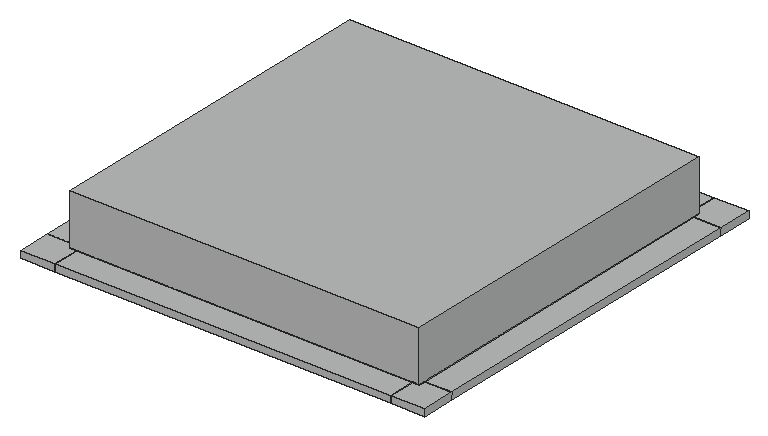
Revit family "ALUMOGIPS", category Осветительные приборы, Revit 2019 (continued)
Types (72, lengths in mm): name | Файл фотометрической сетки | built-in parameter 1150105 | Lumens | built-in parameter 1150106 | built-in parameter 1150142 | Wattage | Emit from Rectangle Width | Emit from Rectangle Length | Длина | Материал светильника | Ширина | ADSK_Ток | ADSK_Полная мощность | ADSK_Обозначение | ADSK_Номинальная мощность | ADSK_Наименование | ADSK_Масса | ADSK_Код изделия
     803.143 760.717 718.389 675.666 632.549 589.038 545.723 502.310 459.390 416.569 373.550 331.617 290.474 250.119 210.948 172.863 \r\n134.679 100.541 68.178 37.591 9.669 0.592 0.592 0.592 0.493 0.493 0.493 0.493 0.493 0.493 0.493 0.493 0.395 0.395 0.395 0.395 0.395 0.395 0.395 0.296 0.296 0.296 0.296 0.296 0.296 0.296 0.296 0.197 \r\n0.197 0.197 0.197 0.197 0.197 0.197 0.197 0.098 0.098 0.098 0.098 0.098 0.098 0.098 0.098 0.000 0.000 0.000 0.000 \r\n1417.637 1416.551 1412.309 1405.895 1396.621 1385.373 1371.559 1354.786 1336.237 1315.419 1292.232 1266.875 1239.742 1210.733 1179.851 1147.390 1113.942 1078.816 \r\n1042.310 1004.521 966.238 926.279 886.121 844.879 803.834 761.408 719.080 676.357 633.240 589.728 546.315 502.902 459.982 417.062 374.043 332.110 290.967 250.513 211.343 173.258 \r\n135.074 100.837 68.376 37.888 9.965 0.592 0.592 0.592 0.493 0.493 0.493 0.493 0.493 0.493 0.493 0.493 0.395 0.395 0.395 0.395 0.395 0.395 0.395 0.296 0.296 0.296 0.296 0.296 0.296 0.296 0.296 0.197 \r\n0.197 0.197 0.197 0.197 0.197 0.197 0.197 0.098 0.098 0.098 0.098 0.098 0.098 0.098 0.098 0.000 0.000 0.000 0.000 \r\n1417.637 1416.650 1412.407 1406.093 1396.917 1385.669 1371.954 1355.181 1336.632 1315.912 1292.725 1267.368 1240.334 1211.325 1180.443 1147.982 1114.633 1079.409 \r\n1042.903 1005.212 966.929 926.969 886.812 845.569 804.524 762.098 719.770 677.048 633.832 590.320 546.907 503.494 460.574 417.654 374.636 332.603 291.460 250.908 211.738 173.653 \r\n135.371 101.133 68.671 38.086 10.163 0.592 0.592 0.592 0.493 0.493 0.493 0.493 0.493 0.493 0.493 0.493 0.395 0.395 0.395 0.395 0.395 0.395 0.395 0.296 0.296 0.296 0.296 0.296 0.296 0.296 0.296 0.197 \r\n0.197 0.197 0.197 0.197 0.197 0.197 0.197 0.098 0.098 0.098 0.098 0.098 0.098 0.098 0.098 0.000 0.000 0.000 0.000 \r\n1417.637 1416.650 1412.506 1406.191 1397.114 1385.866 1372.250 1355.576 1337.027 1316.307 1293.218 1267.861 1240.827 1211.918 1181.035 1148.672 1115.225 1080.099 \r\n1043.593 1005.902 967.620 927.660 887.503 846.260 805.215 762.789 720.461 677.739 634.523 591.011 547.598 504.086 461.166 418.247 375.129 333.098 291.855 251.401 212.132 173.948 \r\n135.666 101.429 68.968 38.381 10.360 0.592 0.592 0.592 0.493 0.493 0.493 0.493 0.493 0.493 0.493 0.493 0.395 0.395 0.395 0.395 0.395 0.395 0.395 0.296 0.296 0.296 0.296 0.296 0.296 0.296 0.296 0.197 \r\n0.197 0.197 0.197 0.197 0.197 0.197 0.197 0.098 0.098 0.098 0.098 0.098 0.098 0.098 0.098 0.000 0.000 0.000 0.000 \r\n1417.637 1416.650 1412.604 1406.389 1397.311 1386.162 1372.546 1355.871 1337.421 1316.701 1293.613 1268.355 1241.320 1212.411 1181.627 1149.265 1115.816 1080.691 \r\n1044.284 1006.593 968.212 928.351 888.194 846.951 805.906 763.479 721.151 678.429 635.213 591.702 548.190 504.777 461.758 418.740 375.721 333.591 292.348 251.796 212.527 174.343 \r\n135.962 101.627 69.165 38.579 10.557 0.592 0.592 0.592 0.493 0.493 0.493 0.493 0.493 0.493 0.493 0.395 0.395 0.395 0.395 0.395 0.395 0.395 0.395 0.296 0.296 0.296 0.296 0.296 0.296 0.296 0.296 0.197 \r\n0.197 0.197 0.197 0.197 0.197 0.197 0.197 0.098 0.098 0.098 0.098 0.098 0.098 0.098 0.098 0.000 0.000 0.000 0.000 \r\n1417.637 1416.749 1412.704 1406.586 1397.607 1386.458 1372.941 1356.266 1337.815 1317.095 1294.106 1268.848 1241.813 1213.003 1182.219 1149.856 1116.409 1081.382 \r\n1044.876 1007.283 968.902 929.042 888.885 847.642 806.597 764.170 721.843 679.120 635.806 592.293 548.881 505.368 462.351 419.332 376.214 334.084 292.841 252.191 212.922 174.738 \r\n136.357 101.922 69.461 38.776 10.853 0.592 0.592 0.592 0.493 0.493 0.493 0.493 0.493 0.493 0.493 0.395 0.395 0.395 0.395 0.395 0.395 0.395 0.395 0.296 0.296 0.296 0.296 0.296 0.296 0.296 0.296 0.197 \r\n0.197 0.197 0.197 0.197 0.197 0.197 0.197 0.098 0.098 0.098 0.098 0.098 0.098 0.098 0.098 0.000 0.000 0.000 0.000 \r\n1417.637 1416.749 1412.802 1406.684 1397.805 1386.754 1373.237 1356.661 1338.210 1317.589 1294.599 1269.341 1242.406 1213.496 1182.811 1150.448 1117.099 1081.974 \r\n1045.566 1007.974 969.593 929.732 889.575 848.333 807.287 764.861 722.533 679.712 636.496 592.985 549.472 505.960 462.942 419.825 376.707 334.577 293.236 252.684 213.317 175.034 \r\n136.652 102.218 69.659 39.072 11.051 0.592 0.592 0.592 0.493 0.493 0.493 0.493 0.493 0.493 0.493 0.395 0.395 0.395 0.395 0.395 0.395 0.395 0.395 0.296 0.296 0.296 0.296 0.296 0.296 0.296 0.296 0.197 \r\n0.197 0.197 0.197 0.197 0.197 0.197 0.197 0.098 0.098 0.098 0.098 0.098 0.098 0.098 0.098 0.000 0.000 0.000 0.000 \r\n1417.637 1416.848 1412.901 1406.882 1398.002 1387.051 1373.533 1356.957 1338.605 1317.983 1294.994 1269.834 1242.899 1214.089 1183.403 1151.041 1117.692 1082.665 \r\n1046.257 1008.566 970.284 930.423 890.266 849.121 807.978 765.552 723.224 680.403 637.187 593.675 550.163 506.553 463.534 420.416 377.300 335.071 293.729 253.079 213.712 175.429 \r\n136.949 102.515 69.954 39.269 11.248 0.592 0.592 0.592 0.493 0.493 0.493 0.493 0.493 0.493 0.493 0.395 0.395 0.395 0.395 0.395 0.395 0.395 0.395 0.296 0.296 0.296 0.296 0.296 0.296 0.296 0.296 0.197 \r\n0.197 0.197 0.197 0.197 0.197 0.197 0.197 0.098 0.098 0.098 0.098 0.098 0.098 0.098 0.098 0.000 0.000 0.000 0.000 \r\n1417.637 1416.848 1412.999 1407.079 1398.298 1387.247 1373.829 1357.352 1339.000 1318.378 1295.488 1270.327 1243.392 1214.680 1183.995 1151.731 1118.283 1083.257 \r\n1046.849 1009.257 970.975 931.113 891.055 849.813 808.668 766.242 723.914 681.093 637.779 594.266 550.755 507.145 464.126 421.009 377.793 335.564 294.222 253.474 214.105 175.823 \r\n137.343 102.810 70.250 39.467 11.445 0.592 0.592 0.592 0.493 0.493 0.493 0.493 0.493 0.493 0.493 0.395 0.395 0.395 0.395 0.395 0.395 0.395 0.395 0.296 0.296 0.296 0.296 0.296 0.296 0.296 0.296 0.197 \r\n0.197 0.197 0.197 0.197 0.197 0.197 0.197 0.098 0.098 0.098 0.098 0.098 0.098 0.098 0.098 0.000 0.000 0.000 0.000 \r\n1417.637 1416.946 1413.098 1407.178 1398.495 1387.544 1374.223 1357.747 1339.395 1318.773 1295.882 1270.822 1243.886 1215.174 1184.587 1152.323 1118.974 1083.848 \r\n1047.540 1009.947 971.665 931.903 891.746 850.503 809.359 766.933 724.507 681.784 638.470 594.958 551.445 507.836 464.718 421.502 378.287 336.057 294.617 253.967 214.500 176.119 \r\n137.640 103.106 70.447 39.762 11.741 0.592 0.592 0.592 0.493 0.493 0.493 0.493 0.493 0.493 0.493 0.395 0.395 0.395 0.395 0.395 0.395 0.395 0.395 0.296 0.296 0.296 0.296 0.296 0.296 0.296 0.296 0.197 \r\n0.197 0.197 0.197 0.197 0.197 0.197 0.197 0.098 0.098 0.098 0.098 0.098 0.098 0.098 0.098 0.000 0.000 0.000 0.000 \r\n1417.637 1416.946 1413.197 1407.376 1398.693 1387.839 1374.520 1358.042 1339.789 1319.168 1296.376 1271.315 1244.477 1215.765 1185.179 1152.915 1119.566 1084.539 \r\n1048.230 1010.638 972.356 932.594 892.436 851.194 810.050 767.623 725.197 682.474 639.160 595.649 552.038 508.427 465.310 422.094 378.878 336.550 295.111 254.362 214.895 176.514 \r\n137.935 103.403 70.744 39.960 11.939 0.592 0.592 0.592 0.493 0.493 0.493 0.493 0.493 0.493 0.493 0.395 0.395 0.395 0.395 0.395 0.395 0.395 0.395 0.296 0.296 0.296 0.296 0.296 0.296 0.296 0.296 0.197 \r\n0.197 0.197 0.197 0.197 0.197 0.197 0.197 0.098 0.098 0.098 0.098 0.098 0.098 0.098 0.098 0.000 0.000 0.000 0.000 \r\n1417.637 1417.044 1413.295 1407.474 1398.890 1388.135 1374.815 1358.437 1340.184 1319.661 1296.869 1271.808 1244.971 1216.258 1185.673 1153.507 1120.158 1085.131 \r\n1048.823 1011.329 973.046 933.284 893.127 851.884 810.741 768.314 725.888 683.165 639.752 596.240 552.728 509.019 465.902 422.686 379.371 337.044 295.505 254.757 215.388 176.909 \r\n138.232 103.698 70.942 40.157 12.136 0.592 0.592 0.592 0.493 0.493 0.493 0.493 0.493 0.493 0.493 0.395 0.395 0.395 0.395 0.395 0.395 0.395 0.395 0.296 0.296 0.296 0.296 0.296 0.296 0.296 0.296 0.197 \r\n0.197 0.197 0.197 0.197 0.197 0.197 0.197 0.098 0.098 0.098 0.098 0.098 0.098 0.098 0.098 0.000 0.000 0.000 0.000 \r\n1417.637 1417.044 1413.394 1407.671 1399.187 1388.333 1375.111 1358.832 1340.578 1320.056 1297.264 1272.301 1245.464 1216.851 1186.264 1154.099 1120.849 1085.822 \r\n1049.513 1012.020 973.737 933.975 893.818 852.575 811.432 769.004 726.578 683.855 640.443 596.930 553.321 509.611 466.494 423.180 379.964 337.537 295.999 255.250 215.783 177.304 \r\n138.626 103.994 71.237 40.453 12.333 0.592 0.592 0.592 0.493 0.493 0.493 0.493 0.493 0.493 0.493 0.395 0.395 0.395 0.395 0.395 0.395 0.395 0.395 0.296 0.296 0.296 0.296 0.296 0.296 0.296 0.296 0.197 \r\n0.197 0.197 0.197 0.197 0.197 0.197 0.197 0.098 0.098 0.098 0.098 0.098 0.098 0.098 0.098 0.000 0.000 0.000 0.000 \r\n1417.637 1417.143 1413.492 1407.869 1399.383 1388.629 1375.506 1359.226 1340.973 1320.451 1297.757 1272.795 1246.056 1217.443 1186.856 1154.790 1121.441 1086.414 \r\n1050.204 1012.711 974.428 934.665 894.508 853.365 812.122 769.695 727.269 684.448 641.134 597.523 554.011 510.203 467.086 423.772 380.457 338.031 296.492 255.645 216.178 177.599 \r\n138.922 104.291 71.533 40.650 12.629 0.592 0.592 0.592 0.493 0.493 0.493 0.493 0.493 0.493 0.493 0.395 0.395 0.395 0.395 0.395 0.395 0.395 0.395 0.296 0.296 0.296 0.296 0.296 0.296 0.296 0.296 0.197 \r\n0.197 0.197 0.197 0.197 0.197 0.197 0.197 0.098 0.098 0.098 0.098 0.098 0.098 0.098 0.098 0.000 0.000 0.000 0.000 \r\n1417.637 1417.143 1413.592 1407.967 1399.580 1388.925 1375.803 1359.523 1341.367 1320.845 1298.250 1273.288 1246.550 1217.936 1187.448 1155.382 1122.032 1087.105 \r\n1050.894 1013.401 975.119 935.356 895.199 854.055 812.813 770.386 727.959 685.138 641.725 598.213 554.603 510.795 467.678 424.265 380.951 338.524 296.887 256.038 216.573 177.994 \r\n139.218 104.586 71.730 40.848 12.826 0.592 0.592 0.493 0.493 0.493 0.493 0.493 0.493 0.493 0.493 0.395 0.395 0.395 0.395 0.395 0.395 0.395 0.395 0.296 0.296 0.296 0.296 0.296 0.296 0.296 0.296 0.197 \r\n0.197 0.197 0.197 0.197 0.197 0.197 0.197 0.098 0.098 0.098 0.098 0.098 0.098 0.098 0.098 0.000 0.000 0.000 0.000 \r\n1417.637 1417.242 1413.690 1408.165 1399.877 1389.220 1376.098 1359.917 1341.762 1321.339 1298.645 1273.781 1247.043 1218.528 1188.041 1155.974 1122.723 1087.697 \r\n1051.487 1013.993 975.810 936.046 895.889 854.746 813.503 771.077 728.650 685.829 642.416 598.904 555.294 511.486 468.270 424.857 381.542 339.018 297.380 256.533 216.967 178.389 \r\n139.613 104.882 72.026 41.143 13.024 0.592 0.592 0.493 0.493 0.493 0.493 0.493 0.493 0.493 0.493 0.395 0.395 0.395 0.395 0.395 0.395 0.395 0.395 0.296 0.296 0.296 0.296 0.296 0.296 0.296 0.296 0.197 \r\n0.197 0.197 0.197 0.197 0.197 0.197 0.197 0.098 0.098 0.098 0.098 0.098 0.098 0.098 0.098 0.000 0.000 0.000 0.000 \r\n1417.637 1417.242 1413.789 1408.362 1400.075 1389.517 1376.394 1360.311 1342.157 1321.733 1299.138 1274.274 1247.536 1219.022 1188.632 1156.566 1123.315 1088.388 \r\n1052.177 1014.684 976.500 936.738 896.581 855.436 814.194 771.768 729.341 686.519 643.107 599.496 555.885 512.078 468.862 425.449 382.035 339.511 297.873 256.926 217.362 178.685 \r\n139.909 105.079 72.223 41.341 13.221 0.592 0.592 0.493 0.493 0.493 0.493 0.493 0.493 0.493 0.493 0.395 0.395 0.395 0.395 0.395 0.395 0.395 0.395 0.296 0.296 0.296 0.296 0.296 0.296 0.296 0.296 0.197 \r\n0.197 0.197 0.197 0.197 0.197 0.197 0.197 0.098 0.098 0.098 0.098 0.098 0.098 0.098 0.098 0.000 0.000 0.000 0.000 \r\n1417.637 1417.341 1413.986 1408.461 1400.271 1389.715 1376.789 1360.608 1342.552 1322.128 1299.632 1274.768 1248.128 1219.614 1189.224 1157.256 1123.907 1088.980 \r\n1052.868 1015.374 977.191 937.428 897.369 856.127 814.884 772.458 730.032 687.211 643.698 600.187 556.577 512.670 469.454 425.942 382.529 340.004 298.268 257.321 217.756 179.080 \r\n140.204 105.376 72.520 41.538 13.517 0.592 0.592 0.493 0.493 0.493 0.493 0.493 0.493 0.493 0.493 0.395 0.395 0.395 0.395 0.395 0.395 0.395 0.395 0.296 0.296 0.296 0.296 0.296 0.296 0.296 0.296 0.197 \r\n0.197 0.197 0.197 0.197 0.197 0.197 0.197 0.098 0.098 0.098 0.098 0.098 0.098 0.098 0.098 0.000 0.000 0.000 0.000 \r\n1417.637 1417.341 1414.085 1408.658 1400.568 1390.010 1377.085 1361.002 1342.947 1322.522 1300.026 1275.261 1248.621 1220.205 1189.817 1157.849 1124.598 1089.670 \r\n1053.460 1016.065 977.881 938.119 898.060 856.917 815.575 773.149 730.722 687.901 644.390 600.877 557.168 513.262 470.046 426.534 383.121 340.497 298.761 257.814 218.151 179.473 \r\n140.501 105.672 72.816 41.835 13.714 0.592 0.592 0.493 0.493 0.493 0.493 0.493 0.493 0.493 0.493 0.395 0.395 0.395 0.395 0.395 0.395 0.395 0.395 0.296 0.296 0.296 0.296 0.296 0.296 0.296 0.296 0.197 \r\n0.197 0.197 0.197 0.197 0.197 0.197 0.197 0.098 0.098 0.098 0.098 0.098 0.098 0.098 0.098 0.000 0.000 0.000 0.000 \r\n1417.637 1417.439 1414.183 1408.855 1400.765 1390.306 1377.381 1361.397 1343.341 1323.015 1300.520 1275.656 1249.114 1220.699 1190.408 1158.440 1125.190 1090.262 \r\n1054.151 1016.755 978.473 938.809 898.750 857.607 816.266 773.839 731.413 688.592 645.080 601.469 557.859 513.854 470.638 427.126 383.615 340.990 299.254 258.209 218.546 179.770 \r\n140.896 105.967 73.013 42.031 13.912 0.592 0.592 0.493 0.493 0.493 0.493 0.493 0.493 0.493 0.493 0.395 0.395 0.395 0.395 0.395 0.395 0.395 0.395 0.296 0.296 0.296 0.296 0.296 0.296 0.296 0.296 0.197 \r\n0.197 0.197 0.197 0.197 0.197 0.197 0.197 0.098 0.098 0.098 0.098 0.098 0.098 0.098 0.098 0.000 0.000 0.000 0.000 \r\n1417.637 1417.439 1414.282 1408.954 1400.963 1390.603 1377.677 1361.792 1343.735 1323.410 1301.014 1276.149 1249.608 1221.291 1191.000 1159.032 1125.782 1090.953 \r\n1054.841 1017.446 979.164 939.500 899.442 858.298 816.957 774.530 732.103 689.184 645.672 602.160 558.451 514.446 471.230 427.619 384.108 341.484 299.649 258.604 218.940 180.165 \r\n141.191 106.264 73.309 42.229 14.208 0.592 0.592 0.493 0.493 0.493 0.493 0.493 0.493 0.493 0.493 0.395 0.395 0.395 0.395 0.395 0.395 0.395 0.395 0.296 0.296 0.296 0.296 0.296 0.296 0.296 0.296 0.197 \r\n0.197 0.197 0.197 0.197 0.197 0.197 0.197 0.098 0.098 0.098 0.098 0.098 0.098 0.098 0.098 0.000 0.000 0.000 0.000 \r\n1417.637 1417.538 1414.380 1409.152 1401.258 1390.898 1378.072 1362.087 1344.130 1323.805 1301.408 1276.643 1250.200 1221.784 1191.593 1159.625 1126.374 1091.545 \r\n1055.433 1018.137 979.855 940.290 900.133 858.988 817.647 775.221 732.794 689.875 646.362 602.851 559.043 515.137 471.822 428.212 384.700 341.977 300.142 259.097 219.335 180.559 \r\n141.487 106.560 73.506 42.525 14.405 0.592 0.592 0.493 0.493 0.493 0.493 0.493 0.493 0.493 0.493 0.395 0.395 0.395 0.395 0.395 0.395 0.395 0.395 0.296 0.296 0.296 0.296 0.296 0.296 0.296 0.296 0.197 \r\n0.197 0.197 0.197 0.197 0.197 0.197 0.197 0.098 0.098 0.098 0.098 0.098 0.098 0.098 0.098 0.000 0.000 0.000 0.000 \r\n1417.637 1417.538 1414.480 1409.250 1401.456 1391.096 1378.367 1362.482 1344.525 1324.200 1301.902 1277.136 1250.693 1222.376 1192.184 1160.315 1127.064 1092.235 \r\n1056.124 1018.828 980.545 940.980 900.823 859.679 818.338 776.010 733.485 690.565 647.054 603.443 559.734 515.728 472.414 428.705 385.193 342.470 300.537 259.492 219.730 180.856 \r\n141.882 106.855 73.802 42.723 14.602 0.592 0.592 0.493 0.493 0.493 0.493 0.493 0.493 0.493 0.493 0.395 0.395 0.395 0.395 0.395 0.395 0.395 0.395 0.296 0.296 0.296 0.296 0.296 0.296 0.296 0.296 0.197 \r\n0.197 0.197 0.197 0.197 0.197 0.197 0.197 0.098 0.098 0.098 0.098 0.098 0.098 0.098 0.098 0.000 0.000 0.000 0.000 \r\n1417.637 1417.637 1414.578 1409.447 1401.653 1391.391 1378.663 1362.877 1344.920 1324.693 1302.395 1277.630 1251.187 1222.968 1192.678 1160.908 1127.657 1092.827 \r\n1056.814 1019.419 981.236 941.671 901.514 860.369 819.028 776.701 734.175 691.256 647.645 604.133 560.326 516.320 473.006 429.297 385.785 342.963 301.030 259.887 220.125 181.249 \r\n142.178 107.152 74.099 42.920 14.800 0.592 0.592 0.493 0.493 0.493 0.493 0.493 0.493 0.493 0.493 0.395 0.395 0.395 0.395 0.395 0.395 0.395 0.395 0.296 0.296 0.296 0.296 0.296 0.296 0.296 0.296 0.197 \r\n0.197 0.197 0.197 0.197 0.197 0.197 0.197 0.098 0.098 0.098 0.098 0.098 0.098 0.098 0.098 0.000 0.000 0.000 0.000 \r\n1417.637 1417.637 1414.677 1409.645 1401.851 1391.688 1378.960 1363.173 1345.314 1325.088 1302.790 1278.123 1251.680 1223.461 1193.269 1161.499 1128.249 1093.518 \r\n1057.406 1020.110 981.926 942.361 902.204 861.159 819.719 777.391 734.867 691.946 648.335 604.726 561.017 516.913 473.598 429.888 386.279 343.458 301.524 260.380 220.519 181.644 \r\n142.474
